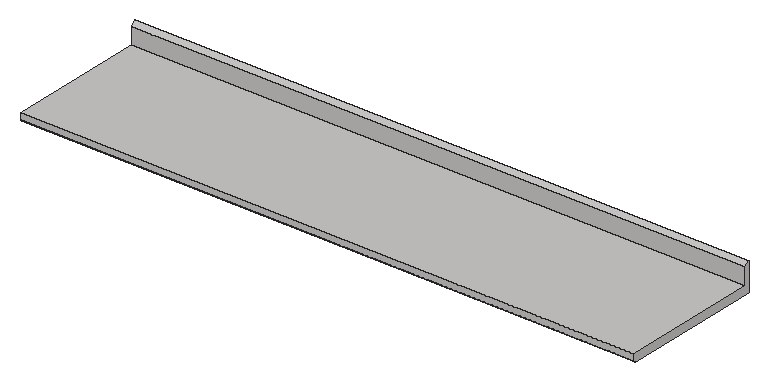
Revit family "QF_ELECTROLUXPROFESSIONAL_121168_TPLA30A", category Attrezzature speciali, Revit 2020
Family settings
  Quota connettore circolare = Usa diametro
  Tipo di parte = Normale
  Basato su piano di lavoro = No
  Sempre verticale = Sì
  Taglio con vuoti quando caricato = No
  Condiviso = No
  Punto di calcolo locali = No
Parameters (values of type "Standard")
  Weight = 95.00 kg
  Watts = 0 W
  Volts = 0 V
  URL Manufacturer = "https://www.electroluxprofessional.com/"
  URL = "https://www.electroluxprofessional.com/"
  Steam Supply Size = 0 mm
  Steam Supply Minimum Pressure = 0.0 Pa
  Steam Supply Maximum Pressure = 0.0 Pa
  Steam Consumption per Hour = 0
  Refrigeration Suction Line Size = 0.0 mm
  Refrigeration Liquid Line Size = 0.0 mm
  Refrigerant Compressor Remote = yes
  Prospetto di default = 0.0 mm
  Phase = 0
  Modello = "TPLA30A"
  Produttore = "Electrolux Professional"
  Length Actual = 3000.0 mm  # constant formula
  Item Number = "121168"
  Hot Water Size = 0 mm
  Height Actual = 140.0 mm  # constant formula
  HP = "0 HP"
  Gas Size = 0 mm
  Gas KW = 0
  Gas Input Pressure = 0 W
  Direct Waste Size = 0 mm
  Descrizione = "WORK TOP WITH UPSTAND 3000MM"
  Depth Actual = 700.0 mm  # constant formula
  Cycle = 0 Hz
  Condensate Return Size = 0 mm
  Compressed Air Volume = 0.0 L/s
  Compressed Air Size = 0 mm
  Compressed Air Pressure = 0.0 Pa
  Cold Water Size = 0 mm
  Accessory = yes
Reference planes
  plane 1 "Center (Front/Back)": y = 0
  plane 2: z = 0
  plane 3 "Center (Left/Right)": x = -1000
  plane 4 "LEFT": x = -2500
  plane 5 "RIGHT": x = 500
  plane 6 "BACK": y = 350
  plane 7 "FRONT": y = -350
  plane 8 "TOP": z = 1000
  plane 9: z = 900
  plane 10: z = 860
Forms (mm)
  Extrusion 1, solid, material "QF_Finishes_Stainless Steel"
    sketch origin (-1000, 0, 0) x (0, 1, 0) y (0, 0, 1)
      loop
        line (350, 1000) -> (330, 980) -> (330, 900) -> (-350, 900) -> (-350, 870) -> (-340, 860) -> (350, 860) -> (350, 1000)
    from 1500 to -1500
Lines and regions (mm)
  symbolic lines
    curve 1: line (500, 350, 1000) -> (-2500, 350, 1000)
    curve 2: line (-2500, 350, 1000) -> (-2500, -350, 1000)
    curve 3: line (-2500, -350, 1000) -> (500, -350, 1000)
    curve 4: line (500, -350, 1000) -> (500, 350, 1000)
    curve 5: line (-2500, 330, 1000) -> (500, 330, 1000)
Dimensions and locks
  plane 4 "LEFT" to plane 5 "RIGHT" = 3000.0 mm
  equal spacing: plane 4 "LEFT", plane 3 "Center (Left/Right)", plane 5 "RIGHT"
  plane 6 "BACK" to plane 7 "FRONT" = 700.0 mm
  equal spacing: plane 6 "BACK", plane 1 "Center (Front/Back)", plane 7 "FRONT"
  locked: plane 8 "TOP" to plane 9 at 100
  locked: plane 6 "BACK" to Extrusion 1 sketch curve at 20
  plane 10 to level = 860.0 mm
  plane 8 "TOP" to plane 10 = 140.0 mm
  aligned and locked: level to plane 2
  aligned and locked: Extrusion 1 to plane 4 "LEFT"
  aligned and locked: plane 5 "RIGHT" to Extrusion 1
  aligned and locked: curve 2 to plane 4 "LEFT"
  aligned and locked: Extrusion 1 sketch curve to plane 9
  aligned and locked: Extrusion 1 sketch curve to plane 6 "BACK"
  aligned and locked: plane 7 "FRONT" to Extrusion 1 sketch curve
  aligned and locked: plane 10 to Extrusion 1 sketch curve
Automatic sketch dimensions
  curve 3 to plane 7 "FRONT" = 0.0 mm
  curve 4 to plane 5 "RIGHT" = 0.0 mm
  curve 4 to plane 6 "BACK" = 0.0 mm
  curve 5 to plane 6 "BACK" = 20.0 mm
  Extrusion 1 sketch curve to plane 8 "TOP" = 0.0 mm
  Extrusion 1 sketch curve to plane 8 "TOP" = 20.0 mm
  plane 7 "FRONT" to Extrusion 1 sketch curve = 10.0 mm
  level to Extrusion 1 sketch curve = 870.0 mm
